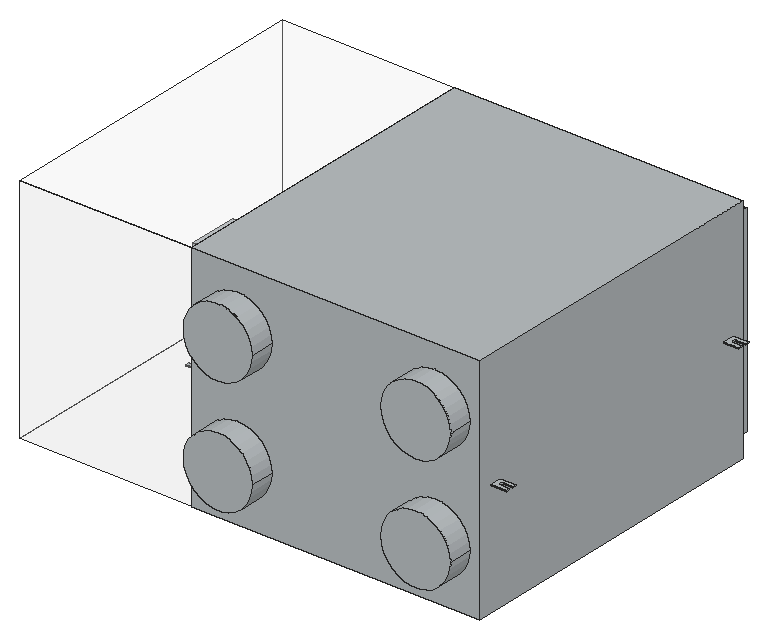
Revit family "lgh-n150_200rxv2d_60Hz", category 機械設備, Revit 2019
Family settings
  丸型コネクタ寸法 = 直径を使用
  パーツ タイプ = 標準
  OmniClass 番号 = 23.75.10.34.21
  OmniClass タイトル = Heat Exchangers for Ventilation Air
  作業面ベース = いいえ
  常に垂直 = はい
  ロード時にボイドで切り取り = いいえ
  共有 = いいえ
  部屋計算ポイント = はい
Parameters (values of type "LGH-N150RXV2D")
  騒音レベル(dB(A)) = 38.5
  風量 = SMAX風量  # 1500.0 m³/h
  面風速 = 8.5 m/s
  電源種別 [instance] = "一般"
  電圧 = 200 V
  電動機出力 = 0 W
  集中コントローラ = ""
  運転質量 = 0.00 kg
  連動 [instance] = ""
  質量 = if(製品質量 > 運転質量, 製品質量, 運転質量) * 1.2  # 127.20 kg
  負荷分類 = 3_ファン類
  説明 = "業務用ロスナイ 天井埋込形 DCマイコン"
  設計風量 = SMAX風量  # 1500.0 m³/h
  設置方法 = "天井吊(隠ぺい)形"
  記号 [instance] = ""
  製造元 = "MITSIBISHI ELECTRIC"
  製品質量 = 106.00 kg
  製品出荷対象 = "国内"
  製品リリース年月 = "2023/5/15"
  製品グループ = ""
  系統 [instance] = ""
  符号 = "HEU"
  積算_科目 = "1 空気調和設備"
  積算_拾い区分 [instance] = ""
  相 = 1
  盤記号 [instance] = ""
  発停方法 [instance] = ""
  特殊仕様 [instance] = ""
  点検口高さ = -Height  # -808 mm
  点検口離隔 = 150 mm
  点検口_Depth = 450 mm
  点検口 = yes
  火災停止 [instance] = ""
  温度交換効率 = 74.00%
  消費電力 = 900 W
  法定耐用年数 = "15"
  機外静圧_排気 = SMAX静圧  # 275.0 Pa
  機外静圧 = SMAX静圧  # 275.0 Pa
  極数 = 3
  材質 [instance] = ""
  本体マテリアル = 溶融亜鉛めっき鋼板
  操作・制御方式 = ""
  操作・制御スイッチ = ""
  排気量 = SMAX風量  # 1500.0 m³/h
  形式 = "天井埋込ダクト形"
  幹線記号 [instance] = ""
  対象室 [instance] = ""
  実風量 = SMAX風量  # 1500.0 m³/h
  始動方式 [instance] = "直入"
  天吊金具_径 = 15 mm
  天吊金具_幅 = 30 mm
  外気量 = SMAX風量  # 1500.0 m³/h
  呼称 = "全熱交換ユニット"
  周波数 = 60 Hz
  天吊金具ピッチ2 = 1015 mm
  天吊金具ピッチ1 = 1057 mm
  天吊金具_高さ = 404 mm
  参照している仕様書等のバージョン = ""
  初期抵抗 = 0.0 Pa
  分類コード = "50052504100070"
  分類グループ = ""
  価格 = 1534000
  企業コード = "108420"
  付属品_フィルター_還気 = ""
  付属品_フィルター = ""
  付属品 [instance] = ""
  仕様書バージョン = "Version1.0"
  モデル = "LGH-N150RXV2D"
  メンテナンススペース = yes
  ダクト高 = 700 mm
  ダクト径 = 250 mm
  ダクト幅 = 270 mm
  コメント [instance] = ""
  Keynote = ""
  エンタルピ交換効率_暖房 = 76.00%
  エンタルピ交換効率_冷房 = 66.00%
  Assembly Code = ""
  Width = 1004 mm
  Version = ""
  Uniclass2015Version = "Systems v1.9"
  Uniclass2015Title = "Thermal wheels"
  Uniclass2015Code = "Pr_60_60_36_88"
  URL = "https://www.mitsubishielectric.co.jp/ldg/wink/qr/002/324414/"
  SpecificationReference = ""
  SpecificationDescription = ""
  SMAX風量 = 1500.0 m³/h
  SMAX静圧 = 275.0 Pa
  SAサイズ_D = 242 mm
  Revision = ""
  RAサイズ_D = 242 mm
  ProductInformation = ""
  OmniClassCode = "23-27 23 19 11"
  OAサイズ_W = 270 mm
  OAサイズ_D = 700 mm
  MIN風量 = 660.0 m³/h
  MIN静圧 = 47.0 Pa
  MID風量 = 1080.0 m³/h
  MID静圧 = 127.0 Pa
  MAX風量 = 1500.0 m³/h
  MAX静圧 = 245.0 Pa
  IfcTypeProduct = ""
  IfcProduct = ""
  IfcExportType = "ROTARYWHEEL"
  IfcExportAs = "IfcAirToAirHeatRecoveryType"
  Height = 808 mm
  EAサイズ_W = 270 mm
  EAサイズ_D = 700 mm
  Duct_Pitch = 690 mm
  Duct_Height = 202 mm
  Duct_Depth_SA_RA = 84 mm
  Duct_Depth_OA_EA = 49 mm
  Depth = 1144 mm
  Clearance Top = 0 mm
  Clearance Left = 600 mm
  Clearance Bottom = 0 mm
  Box_Width = 175 mm
  Box_Height = 669 mm
  Box_H = 88 mm
  Box_Depth = 115 mm
  Box_W = 145 mm
  Author = "MITSUBISHI ELECTRIC"
Types (2, lengths in mm): name | 騒音レベル(dB(A)) | 風量 | 面風速 | 質量 | 設計風量 | 製品質量 | 温度交換効率 | 消費電力 | 機外静圧_排気 | 機外静圧 | 排気量 | 実風量 | 外気量 | 天吊金具ピッチ1 | 価格 | モデル | エンタルピ交換効率_暖房 | エンタルピ交換効率_冷房 | Width | URL | SMAX風量 | SMAX静圧 | MIN風量 | MIN静圧 | MID風量 | MID静圧 | MAX風量 | MAX静圧 | Duct_Pitch
  LGH-N150RXV2D | 38.5 | 1500.0 m³/h | 8.5 m/s | 127.20 kg | 1500.0 m³/h | 106.00 kg | 74.00% | 900 W | 275.0 Pa | 275.0 Pa | 1500.0 m³/h | 1500.0 m³/h | 1500.0 m³/h | 1057 | 1534000 | "LGH-N150RXV2D" | 76.00% | 66.00% | 1004 | "https://www.mitsubishielectric.co.jp/ldg/wink/qr/002/324414/" | 1500.0 m³/h | 275.0 Pa | 660.0 m³/h | 47.0 Pa | 1080.0 m³/h | 127.0 Pa | 1500.0 m³/h | 245.0 Pa | 690
  LGH-N200RXV2D | 41 | 2000.0 m³/h | 11.3 m/s | 139.20 kg | 2000.0 m³/h | 116.00 kg | 73.00% | 1160 W | 225.0 Pa | 225.0 Pa | 2000.0 m³/h | 2000.0 m³/h | 2000.0 m³/h | 1284 | 1730000 | "LGH-N200RXV2D" | 75.00% | 65.00% | 1231 | "https://www.mitsubishielectric.co.jp/ldg/wink/qr/002/324416/" | 2000.0 m³/h | 225.0 Pa | 880.0 m³/h | 32.0 Pa | 1440.0 m³/h | 86.0 Pa | 2000.0 m³/h | 165.0 Pa | 917
Reference planes
  plane 1 "中心(正面/背面)": y = 0
  plane 2: z = 0
  plane 3 "中心(左/右)": x = 0
  plane 4: x = -502
  plane 5: x = 502
  plane 6: y = 572
  plane 7: y = -572
  plane 8: z = -808
  plane 9: z = -202
  plane 10: x = -345
  plane 11: x = 345
  plane 12: y = -656
  plane 13: y = 621
  plane 14: x = -586
  plane 15: x = 586
  plane 16: x = -1102
  plane 17: y = -427
  plane 18: y = -252
  plane 19: z = -88
  plane 20: z = -757
  plane 21: x = -617
  plane 22: x = -652
  plane 23: y = 225
  plane 24: x = -528.5
  plane 25: x = 528.5
  plane 26: y = 507.5
  plane 27: y = -507.5
  plane 28: y = -225
  plane 29: x = -558.5
  plane 30: y = 527.5
  plane 31: y = 487.5
  plane 32: y = -487.5
  plane 33: y = -527.5
  plane 34: z = -5
  plane 35: z = -404
  plane 36: z = -407
  plane 37: x = 558.5
  plane 38: z = -404
  plane 39: x = 480
  plane 40: x = 210
  plane 41: x = -480
  plane 42: x = -210
  plane 43: z = -54
  plane 44: z = -754
  plane 45: z = -54
  plane 46: z = -754
  plane 47: z = -606
  plane 48: z = -808
  plane 49: z = 0
Forms (mm)
  Extrusion 1, solid, material "溶融亜鉛めっき鋼板" <- "本体マテリアル", detail levels fine
    sketch origin (0, 0, 0) x (1, 0, 0) y (0, 1, 0)
      loop
        line (-502, 572) -> (-502, -572) -> (502, -572) -> (502, 572) -> (-502, 572)
    from 0 to -808
  Extrusion 2, solid, material "溶融亜鉛めっき鋼板" <- "本体マテリアル", detail levels fine
    sketch origin (502, -572, 0) x (-1, 0, 0) y (0, 0, -1)
      loop
        circle (847, 202) r 121
    from 0 to 84
  Extrusion 3, solid, material "溶融亜鉛めっき鋼板" <- "本体マテリアル", detail levels fine
    sketch origin (510, -445, 0) x (-1, 0, 0) y (0, 0, -1)
      loop
        circle (165, 202) r 121
    from 127 to 211
  Extrusion 4, solid, material "溶融亜鉛めっき鋼板" <- "本体マテリアル", detail levels fine
    sketch origin (-502, -572, 0) x (0, 1, 0) y (0, 0, -1)
      loop
        line (320, 88) -> (320, 757) -> (145, 757) -> (145, 88) -> (320, 88)
    from 0 to 115
  Extrusion 5, solid, material "溶融亜鉛めっき鋼板" <- "本体マテリアル", detail levels fine
    sketch origin (0, 0, 0) x (1, 0, 0) y (0, 1, 0)
      loop
        line (-558.5, 527.5) -> (-558.5, 515) -> (-528.5, 515)
        arc (-528.5, 515) -> (-521, 507.5) -> (-528.5, 500) r 7.5
        line (-528.5, 500) -> (-558.5, 500) -> (-558.5, 487.5) -> (-502, 487.5) -> (-502, 527.5) -> (-558.5, 527.5)
    from -404 to -407
  Extrusion 6, solid, material "溶融亜鉛めっき鋼板" <- "本体マテリアル", detail levels fine
    sketch origin (0, 0, 0) x (1, 0, 0) y (0, 1, 0)
      loop
        line (-558.5, -527.5) -> (-502, -527.5) -> (-502, -487.5) -> (-558.5, -487.5) -> (-558.5, -500) -> (-528.5, -500)
        arc (-528.5, -500) -> (-521, -507.5) -> (-528.5, -515) r 7.5
        line (-528.5, -515) -> (-558.5, -515) -> (-558.5, -527.5)
    from -404 to -407
  Extrusion 7, solid, material "溶融亜鉛めっき鋼板" <- "本体マテリアル", detail levels fine
    sketch origin (0, 0, 0) x (-1, 0, 0) y (0, -1, 0)
      loop
        line (-558.5, 527.5) -> (-558.5, 515) -> (-528.5, 515)
        arc (-528.5, 515) -> (-521, 507.5) -> (-528.5, 500) r 7.5
        line (-528.5, 500) -> (-558.5, 500) -> (-558.5, 487.5) -> (-502, 487.5) -> (-502, 527.5) -> (-558.5, 527.5)
    from -404 to -407
  Extrusion 8, solid, material "溶融亜鉛めっき鋼板" <- "本体マテリアル", detail levels fine
    sketch origin (0, 0, 0) x (-1, 0, 0) y (0, -1, 0)
      loop
        line (-558.5, -527.5) -> (-502, -527.5) -> (-502, -487.5) -> (-558.5, -487.5) -> (-558.5, -500) -> (-528.5, -500)
        arc (-528.5, -500) -> (-521, -507.5) -> (-528.5, -515) r 7.5
        line (-528.5, -515) -> (-558.5, -515) -> (-558.5, -527.5)
    from -404 to -407
  Extrusion 9, solid, material "溶融亜鉛めっき鋼板" <- "本体マテリアル", detail levels fine
    sketch origin (0, 0, 0) x (1, 0, 0) y (0, 0, 1)
      loop
        circle (-345, -606) r 121
    from 572 to 656
  Extrusion 10, solid, material "溶融亜鉛めっき鋼板" <- "本体マテリアル", detail levels fine
    sketch origin (0, 0, 0) x (1, 0, 0) y (0, 0, 1)
      loop
        circle (345, -606) r 121
    from 572 to 656
  Extrusion 11, solid, material "溶融亜鉛めっき鋼板" <- "本体マテリアル", detail levels fine
    sketch origin (0, 0, 0) x (1, 0, 0) y (0, 0, 1)
      loop
        line (480, -754) -> (480, -54) -> (210, -54) -> (210, -754) -> (480, -754)
    from -621 to -572
  Extrusion 12, solid, material "溶融亜鉛めっき鋼板" <- "本体マテリアル", detail levels fine
    sketch origin (0, 0, 0) x (1, 0, 0) y (0, 0, 1)
      loop
        line (-480, -754) -> (-210, -754) -> (-210, -54) -> (-480, -54) -> (-480, -754)
    from -621 to -572
Lines and regions (mm)
  Masking region 1, detail levels coarse+medium
    outline origin (1326.5, 29, 0) x (1, 0, 0) y (0, 1, 0)
      loop
        line (-1828.5, 543) -> (-1828.5, -601) -> (-824.5, -601) -> (-824.5, 543) -> (-1828.5, 543)
  symbolic lines, detail levels coarse+medium
    curve 1: line (0, 572, 0) -> (-502, 0, 0)
    curve 2: line (-502, 0, 0) -> (0, -572, 0)
    curve 3: line (0, -572, 0) -> (502, 0, 0)
    curve 4: line (502, 0, 0) -> (0, 572, 0)
Dimensions and locks
  equal spacing: plane 4, plane 3 "中心(左/右)", plane 5
  "Width": plane 4 to plane 5
  equal spacing: plane 6, plane 1 "中心(正面/背面)", plane 7
  "Depth": plane 6 to plane 7
  "Height": level to plane 8
  "Duct_Height": level to plane 9
  equal spacing: plane 11, plane 3 "中心(左/右)", plane 10
  "Duct_Pitch": plane 11 to plane 10
  "Duct_Depth_OA_EA": plane 13 to plane 6
  "Duct_Depth_SA_RA": plane 7 to plane 12
  "Duct_Depth_SA_RA": plane 5 to plane 15
  "Duct_Depth_SA_RA": plane 14 to plane 4
  "Clearance Left": plane 16 to plane 4
  "Box_H": level to plane 19
  "Box_Height": plane 19 to plane 20
  "Box_W": plane 17 to plane 7
  "Box_Width": plane 18 to plane 17
  "Box_Depth": plane 21 to plane 4
  "点検口離隔": plane 22 to plane 4
  equal spacing: plane 24, plane 3 "中心(左/右)", plane 25
  "天吊金具ピッチ1": plane 24 to plane 25
  equal spacing: plane 26, plane 1 "中心(正面/背面)", plane 27
  "天吊金具ピッチ2": plane 26 to plane 27
  equal spacing: plane 23, plane 1 "中心(正面/背面)", plane 28
  "点検口_Depth": plane 23 to plane 28
  equal spacing: plane 30, plane 26, plane 31
  locked: plane 30 to plane 31 at 40
  "天吊金具_幅": plane 29 to plane 24
  "天吊金具_高さ": level to plane 35
  locked: plane 35 to plane 36 at 3
  equal spacing: plane 32, plane 27, plane 33
  locked: plane 32 to plane 33 at 40
  "天吊金具_幅": plane 25 to plane 37
  equal spacing: plane 8, plane 38, level
  equal spacing: plane 40, plane 11, plane 39
  "EAサイズ_W": plane 40 to plane 39
  equal spacing: plane 42, plane 10, plane 41
  "OAサイズ_W": plane 42 to plane 41
  equal spacing: plane 44, plane 38, plane 43
  "EAサイズ_D": plane 44 to plane 43
  "OAサイズ_D": plane 46 to plane 45
  equal spacing: plane 46, plane 38, plane 45
  "Duct_Height": plane 38 to plane 47
  "Clearance Bottom": plane 8 to plane 48
  "Clearance Top": plane 49 to level
  "RAサイズ_D": diameter of Extrusion 3 sketch curve
  "SAサイズ_D": diameter of Extrusion 9 sketch curve
  "RAサイズ_D": diameter of Extrusion 10 sketch curve
  "SAサイズ_D": diameter of Extrusion 2 sketch curve
  "天吊金具_径": diameter of Extrusion 6 sketch curve
  "天吊金具_径": diameter of Extrusion 7 sketch curve
  "天吊金具_径": diameter of Extrusion 8 sketch curve
  "天吊金具_径": diameter of Extrusion 5 sketch curve
  aligned and locked: level to plane 2
  aligned and locked: Extrusion 1 to plane 8
  aligned and locked: Extrusion 2 to plane 12
  aligned and locked: plane 7 to Extrusion 2
  aligned and locked: plane 7 to Extrusion 3
  aligned and locked: Extrusion 3 to plane 12
  aligned and locked: plane 16 to nested 1
  aligned and locked: plane 4 to nested 1
  aligned and locked: nested 1 to plane 6
  aligned and locked: nested 1 to plane 7
  aligned and locked: Extrusion 4 to plane 21
  aligned and locked: plane 4 to Extrusion 4
  aligned and locked: Masking region 1 to plane 4
  aligned and locked: plane 5 to Masking region 1
  aligned and locked: plane 6 to Masking region 1
  aligned and locked: Masking region 1 to plane 7
  aligned and locked: plane 25 to nested 2
  aligned and locked: plane 24 to nested 2
  aligned and locked: nested 2 to plane 27
  aligned and locked: plane 26 to nested 2
  aligned and locked: Extrusion 4 to plane 18
  aligned and locked: Extrusion 4 to plane 20
  aligned and locked: plane 19 to Extrusion 4
  aligned and locked: Extrusion 4 to plane 17
  aligned and locked: plane 22 to nested 3
  aligned and locked: plane 16 to nested 3
  aligned and locked: plane 23 to nested 3
  aligned and locked: nested 3 to plane 28
  aligned and locked: plane 29 to Extrusion 5 sketch curve  (x2)
  aligned and locked: Extrusion 5 sketch curve to plane 4
  aligned and locked: plane 31 to Extrusion 5 sketch curve
  aligned and locked: Extrusion 5 sketch curve to plane 30
  aligned and locked: Extrusion 5 to plane 35
  aligned and locked: Extrusion 5 to plane 36
  aligned and locked: Extrusion 6 sketch curve to plane 29  (x2)
  aligned and locked: plane 32 to Extrusion 6 sketch curve
  aligned and locked: Extrusion 6 sketch curve to plane 33
  aligned and locked: plane 4 to Extrusion 6 sketch curve
  aligned and locked: plane 35 to Extrusion 6
  aligned and locked: Extrusion 6 to plane 36
  aligned and locked: plane 37 to Extrusion 7 sketch curve  (x2)
  aligned and locked: Extrusion 7 sketch curve to plane 32
  aligned and locked: plane 33 to Extrusion 7 sketch curve
  aligned and locked: plane 5 to Extrusion 7 sketch curve
  aligned and locked: Extrusion 7 to plane 36
  aligned and locked: plane 35 to Extrusion 7
  aligned and locked: Extrusion 8 sketch curve to plane 37  (x2)
  aligned and locked: Extrusion 8 sketch curve to plane 31
  aligned and locked: plane 30 to Extrusion 8 sketch curve
  aligned and locked: Extrusion 8 sketch curve to plane 5
  aligned and locked: plane 35 to Extrusion 8
  aligned and locked: Extrusion 8 to plane 36
  aligned and locked: Extrusion 9 to plane 12
  aligned and locked: plane 7 to Extrusion 9
  aligned and locked: Extrusion 10 to plane 12
  aligned and locked: plane 7 to Extrusion 10
  aligned and locked: plane 44 to Extrusion 11 sketch curve
  aligned and locked: plane 39 to Extrusion 11 sketch curve
  aligned and locked: Extrusion 11 sketch curve to plane 43
  aligned and locked: Extrusion 11 sketch curve to plane 40
  aligned and locked: Extrusion 12 sketch curve to plane 46
  aligned and locked: Extrusion 12 sketch curve to plane 41
  aligned and locked: plane 45 to Extrusion 12 sketch curve
  aligned and locked: plane 42 to Extrusion 12 sketch curve
  aligned and locked: plane 13 to Extrusion 12
  aligned and locked: Extrusion 12 to plane 6
  aligned and locked: plane 13 to Extrusion 11
  aligned and locked: Extrusion 11 to plane 6
  aligned and locked: nested 1 to plane 48
  aligned and locked: plane 49 to nested 1
Automatic sketch dimensions
  plane 1 "中心(正面/背面)" to curve 1 = 0 mm
  curve 1 to plane 4 = 0 mm
  curve 2 to plane 3 "中心(左/右)" = 0 mm
  curve 4 to plane 3 "中心(左/右)" = 0 mm
  plane 1 "中心(正面/背面)" to curve 4 = 0 mm
  curve 4 to plane 5 = 0 mm
  curve 2 to plane 7 = 0 mm
  curve 4 to plane 6 = 0 mm
  Extrusion 1 sketch curve to plane 4 = 0 mm
  Extrusion 1 sketch curve to plane 5 = 0 mm
  Extrusion 1 sketch curve to plane 7 = 0 mm
  Extrusion 1 sketch curve to plane 6 = 0 mm
  Extrusion 3 sketch curve to plane 9 = 0 mm
  Extrusion 3 sketch curve to plane 11 = 0 mm
  Extrusion 4 sketch curve to Extrusion 1 = 145 mm
  Extrusion 1 to Extrusion 4 sketch curve = 51 mm
  Extrusion 4 sketch curve to Extrusion 4 sketch curve = 175 mm
  Extrusion 1 to Extrusion 4 sketch curve = 88 mm
  Masking region 1 sketch curve to plane 4 = 0 mm
  Masking region 1 sketch curve to plane 5 = 0 mm
  Masking region 1 sketch curve to plane 7 = 0 mm
  Masking region 1 sketch curve to plane 6 = 0 mm
  Extrusion 9 sketch curve to plane 10 = 0 mm
  Extrusion 9 sketch curve to plane 47 = 0 mm
  Extrusion 10 sketch curve to plane 11 = 0 mm
  Extrusion 10 sketch curve to plane 47 = 0 mm
  Extrusion 1 to Extrusion 2 sketch curve = 157 mm
  Extrusion 1 to Extrusion 2 sketch curve = 202 mm
  Extrusion 5 sketch curve to plane 24 = 0 mm
  Extrusion 5 sketch curve to plane 26 = 0 mm
  Extrusion 6 sketch curve to plane 24 = 0 mm
  Extrusion 6 sketch curve to plane 27 = 0 mm
  Extrusion 7 sketch curve to plane 25 = 0 mm
  Extrusion 7 sketch curve to plane 27 = 0 mm
  Extrusion 8 sketch curve to plane 25 = 0 mm
  Extrusion 8 sketch curve to plane 26 = 0 mm
Nested families
  nested 1: "メンテナンススペース" at (-802, 0, -404), visible <- "メンテナンススペース", type "メンテナンススペース"
    with Width 600 mm, Height 808 mm, Depth 1144 mm
  nested 2: "固定点" at (-528.5, -507.5, 0), type "固定点"
    with W 1057 mm, D 1015 mm
  nested 3: "点検口設置範囲" at (-877, 0, -808), built-in parameter 1001364 <- "点検口高さ", visible <- "点検口", type "点検口設置範囲"
    with Width 450 mm, Depth 450 mm
Connectors
  hvac at (-345, -656, -202), driven by "SAサイズ_D", driven by "機外静圧", driven by "風量"
    settings: on Extrusion 2, index 1, duct flow 1500.0 m³/h, flow factor 0, pres drop 275.0 Pa, loss coef 0, conn angle 0.00°, conn width 304.8 mm, conn height 304.8 mm, conn diameter 242 mm, duct sys type 1, conn prof type 0, flow config 0, flow direction 2, loss method 4, conn ref index -1, conn util no, is conn primary yes, conn desc ""
  hvac at (345, -656, -202), driven by "RAサイズ_D", driven by "機外静圧", driven by "風量"
    settings: on Extrusion 3, index 2, duct flow 1500.0 m³/h, flow factor 0, pres drop 275.0 Pa, loss coef 0, conn angle 0.00°, conn width 304.8 mm, conn height 304.8 mm, conn diameter 242 mm, duct sys type 2, conn prof type 0, flow config 0, flow direction 1, loss method 4, conn ref index -1, conn util no, is conn primary no, conn desc ""
  electrical at (-559.5, -427, -422.5), driven by "負荷分類", driven by "極数", driven by "電圧", driven by "消費電力"
    settings: on Extrusion 4, index 7, voltage 200 V, apparent load 900 VA, apparent load phase1 0 VA, apparent load phase2 0 VA, apparent load phase3 0 VA, power factor 1, load classification "3_ファン類", number of poles 3, system type 30, power factor state 1, is connector primary yes, connector utility no, sub classification motor no, connector description ""
  hvac at (-345, -656, -606), driven by "SAサイズ_D", driven by "機外静圧", driven by "風量"
    settings: on Extrusion 9, index 8, duct flow 1500.0 m³/h, flow factor 0, pres drop 275.0 Pa, loss coef 0, conn angle 0.00°, conn width 304.8 mm, conn height 304.8 mm, conn diameter 242 mm, duct sys type 1, conn prof type 0, flow config 0, flow direction 2, loss method 4, conn ref index -1, conn util no, is conn primary no, conn desc ""
  hvac at (345, -656, -606), driven by "RAサイズ_D", driven by "機外静圧", driven by "風量"
    settings: on Extrusion 10, index 9, duct flow 1500.0 m³/h, flow factor 0, pres drop 275.0 Pa, loss coef 0, conn angle 0.00°, conn width 304.8 mm, conn height 304.8 mm, conn diameter 242 mm, duct sys type 2, conn prof type 0, flow config 0, flow direction 1, loss method 4, conn ref index -1, conn util no, is conn primary no, conn desc ""
  hvac at (345, 621, -404), driven by "EAサイズ_D", driven by "EAサイズ_W", driven by "機外静圧_排気", driven by "排気量"
    settings: on Extrusion 11, index 10, duct flow 1500.0 m³/h, flow factor 0, pres drop 275.0 Pa, loss coef 0, conn angle 0.00°, conn width 270 mm, conn height 700 mm, conn diameter 609.6 mm, duct sys type 3, conn prof type 1, flow config 0, flow direction 2, loss method 4, conn ref index -1, conn util no, is conn primary no, conn desc ""
  hvac at (-345, 621, -404), driven by "OAサイズ_W", driven by "OAサイズ_D", driven by "機外静圧", driven by "風量"
    settings: on Extrusion 12, index 11, duct flow 1500.0 m³/h, flow factor 0, pres drop 275.0 Pa, loss coef 0, conn angle 0.00°, conn width 270 mm, conn height 700 mm, conn diameter 609.6 mm, duct sys type 4, conn prof type 1, flow config 0, flow direction 1, loss method 4, conn ref index -1, conn util no, is conn primary no, conn desc ""
Definition of nested family "メンテナンススペース"
  Parameters (values of type "メンテナンススペース")
    Width [instance] = 500 mm
    Height [instance] = 500 mm
    Depth [instance] = 500 mm
  Reference planes
    plane 1 "中心(正面/背面)": y = 0
    plane 2: z = 0
    plane 3 "中心(左/右)": x = 0
    plane 4: y = -250
    plane 5: x = 250
    plane 6: y = 250
    plane 7: x = -250
    plane 8: z = 250
    plane 9: z = -250
  Forms (mm)
    Extrusion 1, solid
      sketch origin (-638.939, 0, 72.39) x (1, 0, 0) y (0, 1, 0)
        loop
          line (388.939, 250) -> (388.939, -250) -> (888.939, -250) -> (888.939, 250) -> (388.939, 250)
      from -322.39 to 177.61
  Lines and regions (mm)
    symbolic lines
      curve 1: line (-250, 0, 250) -> (250, 0, 250)
      curve 2: line (-250, 0, -250) -> (-250, 0, 250)
      curve 3: line (250, 0, -250) -> (-250, 0, -250)
      curve 4: line (250, 0, 250) -> (250, 0, -250)
      curve 5: line (0, -250, 250) -> (0, 250, 250)
      curve 6: line (0, -250, -250) -> (0, -250, 250)
      curve 7: line (0, 250, -250) -> (0, -250, -250)
      curve 8: line (0, 250, 250) -> (0, 250, -250)
      curve 9: line (-250, 250, 0) -> (250, 250, 0)
      curve 10: line (-250, -250, 0) -> (-250, 250, 0)
      curve 11: line (250, -250, 0) -> (-250, -250, 0)
      curve 12: line (250, 250, 0) -> (250, -250, 0)
  Dimensions and locks
    equal spacing: plane 7, plane 3 "中心(左/右)", plane 5
    equal spacing: plane 4, plane 1 "中心(正面/背面)", plane 6
    "Depth": plane 4 to plane 6
    "Width": plane 7 to plane 5
    equal spacing: plane 8, plane 2, plane 9
    "Height": plane 8 to plane 9
    aligned and locked: plane 9 to curve 3
    aligned and locked: plane 7 to curve 2
    aligned and locked: curve 4 to plane 5
    aligned and locked: plane 5 to Extrusion 1
    aligned and locked: Extrusion 1 to plane 7
    aligned and locked: Extrusion 1 to plane 9
    aligned and locked: plane 8 to Extrusion 1
    aligned and locked: plane 9 to curve 7
  Automatic sketch dimensions
    plane 4 to Extrusion 1 sketch curve = 0 mm
    Extrusion 1 sketch curve to plane 7 = 0 mm
    Extrusion 1 sketch curve to plane 5 = 0 mm
    plane 6 to Extrusion 1 sketch curve = 0 mm
    curve 2 to plane 8 = 0 mm
    plane 4 to curve 11 = 0 mm
    curve 11 to plane 7 = 0 mm
    curve 11 to plane 5 = 0 mm
    plane 6 to curve 10 = 0 mm
    curve 7 to plane 4 = 0 mm
    curve 7 to plane 6 = 0 mm
    curve 6 to plane 8 = 0 mm
Definition of nested family "固定点"
  Parameters (values of type "固定点")
    中心円 = 20 mm
    W [instance] = 1000 mm
    D [instance] = 1000 mm
  Reference planes
    plane 1 "中心(正面/背面)": y = 0
    plane 2: z = 0
    plane 3 "中心(左/右)": x = 0
    plane 4: x = 1000
    plane 5: y = 1000
  Lines and regions (mm)
    symbolic lines, detail levels fine
      curve 1: circle (0, 1000, 0) r 10 normal (0, 0, 1)
      curve 2: circle (0, 0, 0) r 10 normal (0, 0, 1)
      curve 3: circle (1000, 1000, 0) r 10 normal (0, 0, 1)
      curve 4: circle (1000, 0, 0) r 10 normal (0, 0, 1)
      curve 5: line (-200, 1000, 0) -> (1200, 1000, 0)
      curve 6: line (-200, 0, 0) -> (1200, 0, 0)
      curve 7: line (0, 1200, 0) -> (0, -200, 0)
      curve 8: line (1000, 1200, 0) -> (1000, -200, 0)
  Dimensions and locks
    "W": plane 3 "中心(左/右)" to plane 4
    "D": plane 1 "中心(正面/背面)" to plane 5
    "中心円": diameter of curve 1
    "中心円": diameter of curve 2
    "中心円": diameter of curve 3
    "中心円": diameter of curve 4
    aligned and locked: level to plane 2
    aligned and locked: plane 5 to curve 1
    aligned and locked: plane 3 "中心(左/右)" to curve 1
    aligned and locked: plane 3 "中心(左/右)" to curve 2
    aligned and locked: plane 1 "中心(正面/背面)" to curve 2
    aligned and locked: plane 4 to curve 3
    aligned and locked: plane 5 to curve 3
    aligned and locked: plane 1 "中心(正面/背面)" to curve 4
    aligned and locked: plane 4 to curve 4
    aligned and locked: plane 1 "中心(正面/背面)" to curve 6
    aligned and locked: curve 7 to plane 3 "中心(左/右)"
    aligned and locked: curve 8 to plane 4
  Automatic sketch dimensions
    curve 5 to plane 5 = 0 mm
    curve 6 to plane 3 "中心(左/右)" = 200 mm
    curve 5 to plane 3 "中心(左/右)" = 200 mm
    curve 4 to curve 6 = 200 mm
    curve 3 to curve 5 = 200 mm
    plane 1 "中心(正面/背面)" to curve 8 = 200 mm
    plane 1 "中心(正面/背面)" to curve 7 = 200 mm
    curve 3 to curve 8 = 200 mm
    curve 1 to curve 7 = 200 mm
Definition of nested family "点検口設置範囲"
  Parameters (values of type "点検口設置範囲")
    Width [instance] = 1000 mm
    Depth [instance] = 700 mm
  Reference planes
    plane 1 "中心(正面/背面)": y = 0
    plane 2: z = 0
    plane 3 "中心(左/右)": x = 0
    plane 4: x = -500
    plane 5: x = 500
    plane 6: y = -350
    plane 7: y = 350
  Lines and regions (mm)
    model lines
      curve 1: line (-500, 350, 0) -> (500, 350, 0)
      curve 2: line (-500, -350, 0) -> (-500, 350, 0)
      curve 3: line (500, -350, 0) -> (-500, -350, 0)
      curve 4: line (500, 350, 0) -> (500, -350, 0)
  Dimensions and locks
    "Depth": plane 7 to plane 6
    "Width": plane 4 to plane 5
    equal spacing: plane 7, plane 1 "中心(正面/背面)", plane 6
    equal spacing: plane 4, plane 3 "中心(左/右)", plane 5
    aligned and locked: level to plane 2
    aligned and locked: plane 4 to curve 2
    aligned and locked: curve 1 to plane 7
    aligned and locked: curve 4 to plane 5
    aligned and locked: plane 6 to curve 3
